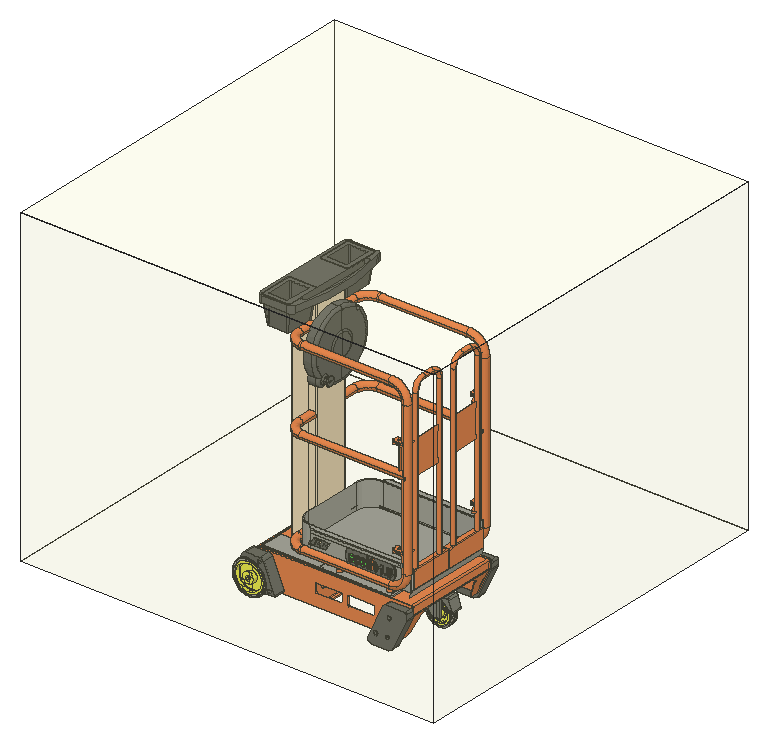
Revit family "JLG_Site_LowLevelAccess_ECOLIFT15_ORANGEa", category Site, Revit 2017 (continued)
Definition of nested family "JLG_Eco lift 1.5_Platform"
  Forms (mm)
    Extrusion 24, void
      sketch origin (0, 0, 0) x (1, 0, 0) y (0, 1, 0)
        loop
          arc (51.676, -291.945) -> (55.919, -290.187) -> (57.676, -285.945) r 6
          line (57.676, -285.945) -> (57.676, -143.027)
          arc (57.676, -143.027) -> (55.919, -138.785) -> (51.676, -137.027) r 6
      from 1139.277 to 1374.226
    Extrusion 25, solid, material <- "JLG_Paint_Beige"
      sketch origin (0, 0, 0) x (1, 0, 0) y (0, 1, 0)
        loop
          arc (-79.75, -95.343) -> (-78.385, -98.639) -> (-75.089, -100.004) r 4.661
          line (-75.089, -100.004) -> (25.75, -100.004) -> (25.75, -102.996) -> (69.25, -102.996)
          arc (69.25, -102.996) -> (72.786, -101.532) -> (74.25, -97.996) r 5
          line (74.25, -97.996) -> (74.25, 97.996)
          arc (74.25, 97.996) -> (72.786, 101.532) -> (69.25, 102.996) r 5
          line (69.25, 102.996) -> (25.75, 102.996) -> (25.75, 99.996) -> (-74.75, 99.996)
          arc (-74.75, 99.996) -> (-78.285, 98.532) -> (-79.75, 94.996) r 5
          line (-79.75, 94.996) -> (-79.75, -95.343)
        loop
          line (29.25, 96.996) -> (-74.8, 96.996)
          arc (-74.8, 96.996) -> (-76.179, 96.425) -> (-76.75, 95.047) r 1.95
          line (-76.75, 95.047) -> (-76.75, -94.979)
          arc (-76.75, -94.979) -> (-76.157, -96.411) -> (-74.725, -97.004) r 2.025
          line (-74.725, -97.004) -> (29.25, -97.004) -> (29.25, -99.996) -> (69.135, -99.996)
          arc (69.135, -99.996) -> (70.631, -99.377) -> (71.25, -97.881) r 2.115
          line (71.25, -97.881) -> (71.25, 97.881)
          arc (71.25, 97.881) -> (70.631, 99.377) -> (69.135, 99.996) r 2.115
          line (69.135, 99.996) -> (29.25, 99.996) -> (29.25, 96.996)
      from -200 to 1250.127
    Extrusion 26, solid, material <- "JLG_Paint_Silver Dark Grey"
      sketch origin (0, 0, 0) x (1, 0, 0) y (0, 1, 0)
        loop
          arc (167.358, 260.996) -> (106.612, 235.834) -> (81.45, 175.088) r 85.908
          line (81.45, 175.088) -> (81.45, -175.996)
          arc (81.45, -175.996) -> (106.346, -236.1) -> (166.45, -260.996) r 85
          line (166.45, -260.996) -> (751.45, -260.996) -> (751.45, 260.996) -> (167.358, 260.996)
      from 7.098 to 0
    Extrusion 27, solid, material <- "JLG_Paint_Orange"
      sketch origin (0, 0, 0) x (1, 0, 0) y (0, 1, 0)
        loop
          arc (685.096, 306.599) -> (676.218, 302.922) -> (672.541, 294.044) r 12.556
          line (672.541, 294.044) -> (672.541, 275.964)
          arc (672.541, 275.964) -> (676.218, 267.086) -> (685.096, 263.408) r 12.556
          line (685.096, 263.408) -> (714.37, 263.408)
          arc (714.37, 263.408) -> (724.086, 264.864) -> (733.231, 268.451) r 43.749
          arc (733.231, 268.451) -> (725.545, 284.999) -> (733.375, 301.481) r 21.456
          arc (733.375, 301.481) -> (724.164, 305.123) -> (714.37, 306.599) r 43.749
          line (714.37, 306.599) -> (685.096, 306.599)
      from 786.836 to 790.8
    Extrusion 28, solid, material <- "JLG_Paint_Orange"
      sketch origin (0, 0, 0) x (1, 0, 0) y (0, 1, 0)
        loop
          line (750, 238.868) -> (699.733, 306.599)
          arc (699.733, 306.599) -> (681.492, 308.194) -> (673.752, 291.599) r 15.964
          line (673.752, 291.599) -> (677.405, 291.599)
          arc (677.405, 291.599) -> (682.332, 298.423) -> (688.772, 293.004) r 5.743
          arc (688.772, 293.004) -> (692.881, 281.518) -> (702.684, 274.259) r 20.987
          arc (702.684, 274.259) -> (707.115, 270.894) -> (704.238, 266.132) r 4.16
          line (704.238, 266.132) -> (728.145, 213.627)
          arc (728.145, 213.627) -> (739.61, 204.89) -> (750.907, 213.843) r 11.745
          arc (750.907, 213.843) -> (737.528, 225.887) -> (750, 238.868) r 12.527
        loop
          circle (703.864, 285.004) r 4.015
      from 780.129 to 786.836
    Extrusion 29, solid, material <- "JLG_Steel"
      sketch origin (0, 0, 0) x (1, 0, 0) y (0, 1, 0)
        loop
          line (698.115, 288.323) -> (698.115, 281.685) -> (703.864, 278.365) -> (709.613, 281.685) -> (709.613, 288.323) -> (703.864, 291.643) -> (698.115, 288.323)
      from 790.8 to 794.533
    Extrusion 30, solid, material <- "JLG_Steel"
      sketch origin (0, 0, 0) x (1, 0, 0) y (0, 1, 0)
        loop
          circle (703.864, 285.004) r 4.015
      from 590.683 to 786.836
    Extrusion 31, solid, material <- "JLG_Paint_Orange"
      sketch origin (0, 0, 0) x (1, 0, 0) y (0, 1, 0)
        loop
          arc (685.096, 306.599) -> (676.218, 302.922) -> (672.541, 294.044) r 12.556
          line (672.541, 294.044) -> (672.541, 275.964)
          arc (672.541, 275.964) -> (676.218, 267.086) -> (685.096, 263.408) r 12.556
          line (685.096, 263.408) -> (714.37, 263.408)
          arc (714.37, 263.408) -> (724.086, 264.864) -> (733.231, 268.451) r 43.749
          arc (733.231, 268.451) -> (725.545, 284.999) -> (733.375, 301.481) r 21.456
          arc (733.375, 301.481) -> (724.164, 305.123) -> (714.37, 306.599) r 43.749
          line (714.37, 306.599) -> (685.096, 306.599)
      from 776.1 to 780.129
    Extrusion 32, solid, material <- "JLG_Steel"
      sketch origin (0, 0, 0) x (1, 0, 0) y (0, 1, 0)
        loop
          line (698.115, 288.323) -> (698.115, 281.685) -> (703.864, 278.365) -> (709.613, 281.685) -> (709.613, 288.323) -> (703.864, 291.643) -> (698.115, 288.323)
      from 594.214 to 598.598
    Extrusion 33, solid, material <- "JLG_Steel"
      sketch origin (-19.384, 0, 0) x (1, 0, 0) y (0, 1, 0)
        loop
          line (698.115, 288.323) -> (698.115, 281.685) -> (703.864, 278.365) -> (709.613, 281.685) -> (709.613, 288.323) -> (703.864, 291.643) -> (698.115, 288.323)
      from 773.083 to 786.836
    Extrusion 34, solid, material <- "JLG_Paint_Orange"
      sketch origin (0, 0, -570.625) x (1, 0, 0) y (0, 1, 0)
        loop
          arc (685.096, 306.599) -> (676.218, 302.922) -> (672.541, 294.044) r 12.556
          line (672.541, 294.044) -> (672.541, 275.964)
          arc (672.541, 275.964) -> (676.218, 267.086) -> (685.096, 263.408) r 12.556
          line (685.096, 263.408) -> (714.37, 263.408)
          arc (714.37, 263.408) -> (724.086, 264.864) -> (733.231, 268.451) r 43.749
          arc (733.231, 268.451) -> (725.545, 284.999) -> (733.375, 301.481) r 21.456
          arc (733.375, 301.481) -> (724.164, 305.123) -> (714.37, 306.599) r 43.749
          line (714.37, 306.599) -> (685.096, 306.599)
      from 786.836 to 790.8
    Extrusion 35, solid, material <- "JLG_Paint_Orange"
      sketch origin (0, 0, -570.625) x (1, 0, 0) y (0, 1, 0)
        loop
          line (750, 238.868) -> (699.733, 306.599)
          arc (699.733, 306.599) -> (681.492, 308.194) -> (673.752, 291.599) r 15.964
          line (673.752, 291.599) -> (677.405, 291.599)
          arc (677.405, 291.599) -> (682.332, 298.423) -> (688.772, 293.004) r 5.743
          arc (688.772, 293.004) -> (692.881, 281.518) -> (702.684, 274.259) r 20.987
          arc (702.684, 274.259) -> (707.115, 270.894) -> (704.238, 266.132) r 4.16
          line (704.238, 266.132) -> (728.145, 213.627)
          arc (728.145, 213.627) -> (739.61, 204.89) -> (750.907, 213.843) r 11.745
          arc (750.907, 213.843) -> (737.528, 225.887) -> (750, 238.868) r 12.527
        loop
          circle (703.864, 285.004) r 4.015
      from 780.129 to 786.836
    Extrusion 36, solid, material <- "JLG_Steel"
      sketch origin (0, 0, -570.625) x (1, 0, 0) y (0, 1, 0)
        loop
          line (698.115, 288.323) -> (698.115, 281.685) -> (703.864, 278.365) -> (709.613, 281.685) -> (709.613, 288.323) -> (703.864, 291.643) -> (698.115, 288.323)
      from 790.8 to 794.533
    Extrusion 37, solid, material <- "JLG_Steel"
      sketch origin (0, 0, -570.625) x (1, 0, 0) y (0, 1, 0)
        loop
          circle (703.864, 285.004) r 4.015
      from 769.026 to 786.836
    Extrusion 38, solid, material <- "JLG_Paint_Orange"
      sketch origin (0, 0, -570.625) x (1, 0, 0) y (0, 1, 0)
        loop
          arc (685.096, 306.599) -> (676.218, 302.922) -> (672.541, 294.044) r 12.556
          line (672.541, 294.044) -> (672.541, 275.964)
          arc (672.541, 275.964) -> (676.218, 267.086) -> (685.096, 263.408) r 12.556
          line (685.096, 263.408) -> (714.37, 263.408)
          arc (714.37, 263.408) -> (724.086, 264.864) -> (733.231, 268.451) r 43.749
          arc (733.231, 268.451) -> (725.545, 284.999) -> (733.375, 301.481) r 21.456
          arc (733.375, 301.481) -> (724.164, 305.123) -> (714.37, 306.599) r 43.749
          line (714.37, 306.599) -> (685.096, 306.599)
      from 776.1 to 780.129
    Extrusion 39, solid, material <- "JLG_Steel"
      sketch origin (0, 0, -570.625) x (1, 0, 0) y (0, 1, 0)
        loop
          line (698.115, 288.323) -> (698.115, 281.685) -> (703.864, 278.365) -> (709.613, 281.685) -> (709.613, 288.323) -> (703.864, 291.643) -> (698.115, 288.323)
      from 773.083 to 776.1
    Extrusion 40, solid, material <- "JLG_Steel"
      sketch origin (-19.384, 0, -570.625) x (1, 0, 0) y (0, 1, 0)
        loop
          line (698.115, 288.323) -> (698.115, 281.685) -> (703.864, 278.365) -> (709.613, 281.685) -> (709.613, 288.323) -> (703.864, 291.643) -> (698.115, 288.323)
      from 773.083 to 786.836
    Extrusion 41, solid, material <- "JLG_Paint_Orange"
      sketch origin (0, 0, 0) x (1, 0, 0) y (0, 1, 0)
        loop
          line (685.096, -306.599) -> (714.37, -306.599)
          arc (714.37, -306.599) -> (724.164, -305.123) -> (733.375, -301.481) r 43.749
          arc (733.375, -301.481) -> (725.545, -284.999) -> (733.231, -268.451) r 21.456
          arc (733.231, -268.451) -> (724.086, -264.864) -> (714.37, -263.408) r 43.749
          line (714.37, -263.408) -> (685.096, -263.408)
          arc (685.096, -263.408) -> (676.218, -267.086) -> (672.541, -275.964) r 12.556
          line (672.541, -275.964) -> (672.541, -294.044)
          arc (672.541, -294.044) -> (676.218, -302.922) -> (685.096, -306.599) r 12.556
      from 786.836 to 790.8
    Extrusion 42, solid, material <- "JLG_Paint_Orange"
      sketch origin (0, 0, 0) x (1, 0, 0) y (0, 1, 0)
        loop
          arc (750, -238.868) -> (737.528, -225.887) -> (750.907, -213.843) r 12.527
          arc (750.907, -213.843) -> (739.61, -204.89) -> (728.145, -213.627) r 11.745
          line (728.145, -213.627) -> (704.238, -266.132)
          arc (704.238, -266.132) -> (707.115, -270.894) -> (702.684, -274.259) r 4.16
          arc (702.684, -274.259) -> (692.881, -281.518) -> (688.772, -293.004) r 20.987
          arc (688.772, -293.004) -> (682.332, -298.423) -> (677.405, -291.599) r 5.743
          line (677.405, -291.599) -> (673.752, -291.599)
          arc (673.752, -291.599) -> (681.492, -308.194) -> (699.733, -306.599) r 15.964
          line (699.733, -306.599) -> (750, -238.868)
        loop
          circle (703.864, -285.004) r 4.015
      from 780.129 to 786.836
    Extrusion 43, solid, material <- "JLG_Steel"
      sketch origin (0, 0, 0) x (1, 0, 0) y (0, 1, 0)
        loop
          line (698.115, -288.323) -> (703.864, -291.643) -> (709.613, -288.323) -> (709.613, -281.685) -> (703.864, -278.365) -> (698.115, -281.685) -> (698.115, -288.323)
      from 790.8 to 794.533
    Extrusion 44, solid, material <- "JLG_Paint_Orange"
      sketch origin (0, 0, 0) x (1, 0, 0) y (0, 1, 0)
        loop
          circle (703.864, -285.004) r 4.015
      from 590.683 to 786.836
    Extrusion 45, solid, material <- "JLG_Paint_Orange"
      sketch origin (0, 0, 0) x (1, 0, 0) y (0, 1, 0)
        loop
          line (685.096, -306.599) -> (714.37, -306.599)
          arc (714.37, -306.599) -> (724.164, -305.123) -> (733.375, -301.481) r 43.749
          arc (733.375, -301.481) -> (725.545, -284.999) -> (733.231, -268.451) r 21.456
          arc (733.231, -268.451) -> (724.086, -264.864) -> (714.37, -263.408) r 43.749
          line (714.37, -263.408) -> (685.096, -263.408)
          arc (685.096, -263.408) -> (676.218, -267.086) -> (672.541, -275.964) r 12.556
          line (672.541, -275.964) -> (672.541, -294.044)
          arc (672.541, -294.044) -> (676.218, -302.922) -> (685.096, -306.599) r 12.556
      from 776.1 to 780.129
    Extrusion 46, solid, material <- "JLG_Steel"
      sketch origin (0, 0, 0) x (1, 0, 0) y (0, 1, 0)
        loop
          line (698.115, -288.323) -> (703.864, -291.643) -> (709.613, -288.323) -> (709.613, -281.685) -> (703.864, -278.365) -> (698.115, -281.685) -> (698.115, -288.323)
      from 594.214 to 598.598
    Extrusion 47, solid, material <- "JLG_Steel"
      sketch origin (-19.384, 0, 0) x (1, 0, 0) y (0, 1, 0)
        loop
          line (698.115, -288.323) -> (703.864, -291.643) -> (709.613, -288.323) -> (709.613, -281.685) -> (703.864, -278.365) -> (698.115, -281.685) -> (698.115, -288.323)
      from 773.083 to 786.836
    Extrusion 48, solid, material <- "JLG_Paint_Orange"
      sketch origin (0, 0, -570.625) x (1, 0, 0) y (0, 1, 0)
        loop
          line (685.096, -306.599) -> (714.37, -306.599)
          arc (714.37, -306.599) -> (724.164, -305.123) -> (733.375, -301.481) r 43.749
          arc (733.375, -301.481) -> (725.545, -284.999) -> (733.231, -268.451) r 21.456
          arc (733.231, -268.451) -> (724.086, -264.864) -> (714.37, -263.408) r 43.749
          line (714.37, -263.408) -> (685.096, -263.408)
          arc (685.096, -263.408) -> (676.218, -267.086) -> (672.541, -275.964) r 12.556
          line (672.541, -275.964) -> (672.541, -294.044)
          arc (672.541, -294.044) -> (676.218, -302.922) -> (685.096, -306.599) r 12.556
      from 786.836 to 790.8
    Extrusion 49, solid, material <- "JLG_Paint_Orange"
      sketch origin (0, 0, -570.625) x (1, 0, 0) y (0, 1, 0)
        loop
          arc (750, -238.868) -> (737.528, -225.887) -> (750.907, -213.843) r 12.527
          arc (750.907, -213.843) -> (739.61, -204.89) -> (728.145, -213.627) r 11.745
          line (728.145, -213.627) -> (704.238, -266.132)
          arc (704.238, -266.132) -> (707.115, -270.894) -> (702.684, -274.259) r 4.16
          arc (702.684, -274.259) -> (692.881, -281.518) -> (688.772, -293.004) r 20.987
          arc (688.772, -293.004) -> (682.332, -298.423) -> (677.405, -291.599) r 5.743
          line (677.405, -291.599) -> (673.752, -291.599)
          arc (673.752, -291.599) -> (681.492, -308.194) -> (699.733, -306.599) r 15.964
          line (699.733, -306.599) -> (750, -238.868)
        loop
          circle (703.864, -285.004) r 4.015
      from 780.129 to 786.836
    Extrusion 50, solid, material <- "JLG_Steel"
      sketch origin (0, 0, -570.625) x (1, 0, 0) y (0, 1, 0)
        loop
          line (698.115, -288.323) -> (703.864, -291.643) -> (709.613, -288.323) -> (709.613, -281.685) -> (703.864, -278.365) -> (698.115, -281.685) -> (698.115, -288.323)
      from 790.8 to 794.533
    Extrusion 51, solid, material <- "JLG_Steel"
      sketch origin (0, 0, -570.625) x (1, 0, 0) y (0, 1, 0)
        loop
          circle (703.864, -285.004) r 4.015
      from 769.026 to 786.836
    Extrusion 52, solid, material <- "JLG_Paint_Orange"
      sketch origin (0, 0, -570.625) x (1, 0, 0) y (0, 1, 0)
        loop
          line (685.096, -306.599) -> (714.37, -306.599)
          arc (714.37, -306.599) -> (724.164, -305.123) -> (733.375, -301.481) r 43.749
          arc (733.375, -301.481) -> (725.545, -284.999) -> (733.231, -268.451) r 21.456
          arc (733.231, -268.451) -> (724.086, -264.864) -> (714.37, -263.408) r 43.749
          line (714.37, -263.408) -> (685.096, -263.408)
          arc (685.096, -263.408) -> (676.218, -267.086) -> (672.541, -275.964) r 12.556
          line (672.541, -275.964) -> (672.541, -294.044)
          arc (672.541, -294.044) -> (676.218, -302.922) -> (685.096, -306.599) r 12.556
      from 776.1 to 780.129
    Extrusion 53, solid, material <- "JLG_Steel"
      sketch origin (0, 0, -570.625) x (1, 0, 0) y (0, 1, 0)
        loop
          line (698.115, -288.323) -> (703.864, -291.643) -> (709.613, -288.323) -> (709.613, -281.685) -> (703.864, -278.365) -> (698.115, -281.685) -> (698.115, -288.323)
      from 773.083 to 776.1
    Extrusion 54, solid, material <- "JLG_Steel"
      sketch origin (-19.384, 0, -570.625) x (1, 0, 0) y (0, 1, 0)
        loop
          line (698.115, -288.323) -> (703.864, -291.643) -> (709.613, -288.323) -> (709.613, -281.685) -> (703.864, -278.365) -> (698.115, -281.685) -> (698.115, -288.323)
      from 773.083 to 786.836
    Revolve 55, solid, material <- "JLG_Plastic_Dark Grey"
      sketch origin (0, 0, 0) x (1, 0, 0) y (0, 0, 1)
        loop
          line (74.247, 1169.518) -> (74.247, 971.067) -> (142.25, 971.067) -> (142.25, 1035.377)
          arc (142.25, 1035.377) -> (139.729, 1042.41) -> (135.25, 1048.391) r 25.111
          line (135.25, 1048.391) -> (135.25, 1152.641)
          arc (135.25, 1152.641) -> (130.71, 1163.911) -> (119.555, 1168.727) r 15.974
          line (119.555, 1168.727) -> (74.247, 1169.518)
        axis (142.25, 971.067) -> (74.247, 971.067)
      angle from 0 to 360
    Revolve 56, solid, material <- "JLG_Plastic_Dark Grey"
      sketch origin (-179.446, -4559.188, 843.966) x (-1, 0, 0) y (0, -1, 0)
        loop
          line (-314.696, -4456.9) -> (-314.696, -4432) -> (-322.987, -4432) -> (-322.987, -4441.197) -> (-351.918, -4441.197) -> (-351.918, -4456.197)
          arc (-351.918, -4456.197) -> (-351.191, -4457.275) -> (-350.003, -4457.803) r 2.354
          line (-350.003, -4457.803) -> (-342.133, -4448.424) -> (-322.95, -4448.424)
          arc (-322.95, -4448.424) -> (-320.832, -4453.162) -> (-317.233, -4456.9) r 15.069
          line (-317.233, -4456.9) -> (-314.696, -4456.9)
        axis (-314.696, -4432) -> (-351.918, -4432)
      angle from 0 to 360
    Revolve 57, solid, material <- "JLG_Plastic_Dark Grey"
      sketch origin (-0.191, -129.184, 29.54) x (1, 0, 0) y (0, 0, 1)
        loop
          line (74.429, 772.669) -> (119.681, 772.669)
          arc (119.681, 772.669) -> (130.779, 777.265) -> (135.376, 788.363) r 15.695
          line (135.376, 788.363) -> (135.376, 813.363) -> (74.429, 813.363) -> (74.429, 772.669)
        axis (74.429, 813.46) -> (135.376, 813.46)
      angle from 51.664 to -141.966
    Extrusion 58, void
      sketch origin (0, 0, 0) x (0, 1, 0) y (0, 0, 1)
        loop
          arc (107.128, 1135.739) -> (111.401, 1099.219) -> (148.159, 1100.07) r 27.303
          arc (148.159, 1100.07) -> (128.883, 1119.331) -> (107.128, 1135.739) r 196.451
      from 91.854 to 139.056
    Extrusion 59, solid, visible <- "Working Area"
      sketch origin (0, 0, 0) x (1, 0, 0) y (0, 1, 0)
        loop
          line (-823.55, 1150) -> (-823.55, -1150) -> (1596.45, -1150) -> (1596.45, 1150) -> (-823.55, 1150)
      from 0 to 1830
    Extrusion 60, solid, material <- "JLG_Paint_Black"
      sketch origin (95.595, 0, 847.695) x (1, 0, 0) y (0, 0, 1)
        loop
          line (512.332, -745.542) -> (506.563, -745.542)
          arc (506.563, -745.542) -> (499.372, -754.35) -> (489.449, -759.902) r 30.426
          line (489.449, -759.902) -> (489.449, -766.173) -> (505.332, -758.767) -> (505.332, -788.708) -> (512.332, -788.708) -> (512.332, -745.542)
        loop
          line (566.894, -745.542) -> (538.457, -745.542) -> (538.457, -765.972) -> (556.414, -765.972)
          arc (556.414, -765.972) -> (559.879, -767.214) -> (561.767, -770.374) r 5.456
          arc (561.767, -770.374) -> (555.447, -781.301) -> (545.457, -773.585) r 8.386
          line (545.457, -773.585) -> (538.449, -773.585)
          arc (538.449, -773.585) -> (556.371, -788.247) -> (568.531, -768.541) r 15.386
          arc (568.531, -768.541) -> (564.134, -761.653) -> (556.414, -758.972) r 12.456
          line (556.414, -758.972) -> (545.457, -758.972) -> (545.457, -752.542) -> (566.894, -752.542) -> (566.894, -745.542)
        loop
          line (523.916, -783.117) -> (523.916, -788.708) -> (528.415, -788.708) -> (528.415, -783.117) -> (523.916, -783.117)
      from 288.081 to 289.946
    Extrusion 61, solid, material <- "JLG_Paint_Orange"
      sketch origin (95.595, 0, 687.695) x (1, 0, 0) y (0, 0, 1)
        loop
          line (417.903, -565.722) -> (417.903, -628.994) -> (424.851, -628.994) -> (424.851, -565.722) -> (417.903, -565.722)
        loop
          line (428.326, -593.951) -> (428.326, -628.994) -> (435.274, -628.994) -> (435.274, -593.951) -> (428.326, -593.951)
        loop
          line (444.829, -575.625) -> (444.829, -593.951) -> (438.82, -593.951) -> (438.82, -600.899) -> (444.829, -600.899) -> (444.829, -628.994) -> (451.777, -628.994) -> (451.777, -600.899) -> (457.786, -600.899) -> (457.786, -593.951) -> (451.777, -593.951) -> (451.777, -575.625)
          arc (451.777, -575.625) -> (452.643, -573.536) -> (454.732, -572.671) r 2.955
          line (454.732, -572.671) -> (457.853, -572.671) -> (457.853, -565.722) -> (454.732, -565.722)
          arc (454.732, -565.722) -> (447.729, -568.623) -> (444.829, -575.625) r 9.903
        loop
          line (461.332, -593.951) -> (461.332, -600.899) -> (467.34, -600.899) -> (467.34, -619.225)
          arc (467.34, -619.225) -> (470.241, -626.227) -> (477.243, -629.128) r 9.903
          line (477.243, -629.128) -> (480.365, -629.128) -> (480.365, -622.179) -> (477.243, -622.179)
          arc (477.243, -622.179) -> (475.154, -621.314) -> (474.289, -619.225) r 2.955
          line (474.289, -619.225) -> (474.289, -600.899) -> (480.297, -600.899) -> (480.297, -593.951) -> (474.289, -593.951) -> (474.289, -582.793) -> (467.34, -582.793) -> (467.34, -593.951) -> (461.332, -593.951)
      from 288.081 to 289.946
    Extrusion 62, solid, material <- "JLG_Plastic_Green"
      sketch origin (95.595, 0, 527.695) x (1, 0, 0) y (0, 0, 1)
        loop
          line (312.947, -440.121) -> (312.947, -453.679)
          arc (312.947, -453.679) -> (327.687, -468.994) -> (343.554, -454.85) r 15.326
          line (343.554, -454.85) -> (336.092, -454.85)
          arc (336.092, -454.85) -> (333.38, -459.925) -> (328.035, -462.053) r 8.377
          arc (328.035, -462.053) -> (322.265, -459.518) -> (319.895, -453.679) r 8.377
          line (319.895, -453.679) -> (319.895, -448.77) -> (342.995, -448.77) -> (342.995, -440.121)
          arc (342.995, -440.121) -> (327.971, -425.097) -> (312.947, -440.121) r 15.024
        loop
          line (320.076, -441.822) -> (335.993, -441.822)
          arc (335.993, -441.822) -> (334.361, -435.023) -> (328.035, -432.046) r 8.075
          arc (328.035, -432.046) -> (321.708, -435.023) -> (320.076, -441.822) r 8.075
        loop
          line (347.375, -440.121) -> (347.375, -453.679)
          arc (347.375, -453.679) -> (362.115, -468.994) -> (377.982, -454.85) r 15.326
          line (377.982, -454.85) -> (370.52, -454.85)
          arc (370.52, -454.85) -> (367.808, -459.925) -> (362.463, -462.053) r 8.377
          arc (362.463, -462.053) -> (356.694, -459.518) -> (354.324, -453.679) r 8.377
          line (354.324, -453.679) -> (354.324, -440.121)
          arc (354.324, -440.121) -> (356.694, -434.283) -> (362.463, -431.747) r 8.377
          arc (362.463, -431.747) -> (367.808, -433.876) -> (370.52, -438.95) r 8.377
          line (370.52, -438.95) -> (377.377, -438.95)
          arc (377.377, -438.95) -> (361.813, -425.109) -> (347.375, -440.121) r 15.024
        loop
          line (381.167, -440.121) -> (381.167, -453.679)
          arc (381.167, -453.679) -> (396.191, -468.703) -> (411.215, -453.679) r 15.024
          line (411.215, -453.679) -> (411.215, -440.121)
          arc (411.215, -440.121) -> (396.191, -425.097) -> (381.167, -440.121) r 15.024
        loop
          arc (396.255, -462.053) -> (402.024, -459.518) -> (404.394, -453.679) r 8.377
          line (404.394, -453.679) -> (404.394, -440.121)
          arc (404.394, -440.121) -> (402.024, -434.283) -> (396.255, -431.747) r 8.377
          arc (396.255, -431.747) -> (390.486, -434.283) -> (388.116, -440.121) r 8.377
          line (388.116, -440.121) -> (388.116, -453.679)
          arc (388.116, -453.679) -> (390.486, -459.518) -> (396.255, -462.053) r 8.377
        loop
          line (428.326, -428.631) -> (435.274, -428.631)
          arc (435.274, -428.631) -> (435.32, -424.901) -> (437.736, -422.06) r 5.494
          line (437.736, -422.06) -> (436.316, -420.64)
          arc (436.316, -420.64) -> (430.666, -422.98) -> (428.326, -428.631) r 7.991
      from 287.046 to 289.946
    Extrusion 63, solid, material <- "JLG_Paint_Black"
      sketch origin (95.595, 0, 702.695) x (1, 0, 0) y (0, 0, 1)
        loop
          arc (310.225, -575.211) -> (298.147, -614.91) -> (309.423, -654.844) r 73.728
          line (309.423, -654.844) -> (574.579, -654.844)
          arc (574.579, -654.844) -> (585.854, -614.91) -> (573.776, -575.211) r 73.728
          line (573.776, -575.211) -> (310.225, -575.211)
        loop
          line (312.947, -615.121) -> (312.947, -628.679)
          arc (312.947, -628.679) -> (327.687, -643.994) -> (343.554, -629.85) r 15.326
          line (343.554, -629.85) -> (336.092, -629.85)
          arc (336.092, -629.85) -> (333.38, -634.925) -> (328.035, -637.053) r 8.377
          arc (328.035, -637.053) -> (322.265, -634.518) -> (319.895, -628.679) r 8.377
          line (319.895, -628.679) -> (319.895, -623.77) -> (342.995, -623.77) -> (342.995, -615.121)
          arc (342.995, -615.121) -> (327.971, -600.097) -> (312.947, -615.121) r 15.024
        loop
          line (320.076, -616.822) -> (335.993, -616.822)
          arc (335.993, -616.822) -> (334.361, -610.023) -> (328.035, -607.046) r 8.075
          arc (328.035, -607.046) -> (321.708, -610.023) -> (320.076, -616.822) r 8.075
        loop
          line (347.375, -615.121) -> (347.375, -628.679)
          arc (347.375, -628.679) -> (362.115, -643.994) -> (377.982, -629.85) r 15.326
          line (377.982, -629.85) -> (370.52, -629.85)
          arc (370.52, -629.85) -> (367.808, -634.925) -> (362.463, -637.053) r 8.377
          arc (362.463, -637.053) -> (356.694, -634.518) -> (354.324, -628.679) r 8.377
          line (354.324, -628.679) -> (354.324, -615.121)
          arc (354.324, -615.121) -> (356.694, -609.283) -> (362.463, -606.747) r 8.377
          arc (362.463, -606.747) -> (367.808, -608.876) -> (370.52, -613.95) r 8.377
          line (370.52, -613.95) -> (377.377, -613.95)
          arc (377.377, -613.95) -> (361.813, -600.109) -> (347.375, -615.121) r 15.024
        loop
          arc (411.215, -615.121) -> (396.191, -600.097) -> (381.167, -615.121) r 15.024
          line (381.167, -615.121) -> (381.167, -628.679)
          arc (381.167, -628.679) -> (396.191, -643.703) -> (411.215, -628.679) r 15.024
          line (411.215, -628.679) -> (411.215, -615.121)
        loop
          line (388.116, -615.121) -> (388.116, -628.679)
          arc (388.116, -628.679) -> (390.486, -634.518) -> (396.255, -637.053) r 8.377
          arc (396.255, -637.053) -> (402.024, -634.518) -> (404.394, -628.679) r 8.377
          line (404.394, -628.679) -> (404.394, -615.121)
          arc (404.394, -615.121) -> (402.024, -609.283) -> (396.255, -606.747) r 8.377
          arc (396.255, -606.747) -> (390.486, -609.283) -> (388.116, -615.121) r 8.377
        loop
          line (417.903, -580.722) -> (417.903, -643.994) -> (424.851, -643.994) -> (424.851, -580.722) -> (417.903, -580.722)
        loop
          line (428.326, -608.951) -> (428.326, -643.994) -> (435.274, -643.994) -> (435.274, -608.951) -> (428.326, -608.951)
        loop
          line (428.326, -603.631) -> (435.274, -603.631)
          arc (435.274, -603.631) -> (435.32, -599.901) -> (437.736, -597.06) r 5.494
          line (437.736, -597.06) -> (436.316, -595.64)
          arc (436.316, -595.64) -> (430.666, -597.98) -> (428.326, -603.631) r 7.991
        loop
          arc (454.732, -580.722) -> (447.729, -583.623) -> (444.829, -590.625) r 9.903
          line (444.829, -590.625) -> (444.829, -608.951) -> (438.82, -608.951) -> (438.82, -615.899) -> (444.829, -615.899) -> (444.829, -643.994) -> (451.777, -643.994) -> (451.777, -615.899) -> (457.786, -615.899) -> (457.786, -608.951) -> (451.777, -608.951) -> (451.777, -590.625)
          arc (451.777, -590.625) -> (452.643, -588.536) -> (454.732, -587.671) r 2.955
          line (454.732, -587.671) -> (457.853, -587.671) -> (457.853, -580.722) -> (454.732, -580.722)
        loop
          line (467.34, -608.951) -> (461.332, -608.951) -> (461.332, -615.899) -> (467.34, -615.899) -> (467.34, -634.225)
          arc (467.34, -634.225) -> (470.241, -641.227) -> (477.243, -644.128) r 9.903
          line (477.243, -644.128) -> (480.365, -644.128) -> (480.365, -637.179) -> (477.243, -637.179)
          arc (477.243, -637.179) -> (475.154, -636.314) -> (474.289, -634.225) r 2.955
          line (474.289, -634.225) -> (474.289, -615.899) -> (480.297, -615.899) -> (480.297, -608.951) -> (474.289, -608.951) -> (474.289, -597.793) -> (467.34, -597.793) -> (467.34, -608.951)
        loop
          line (502.332, -646.708) -> (515.519, -646.708) -> (515.519, -597.542) -> (504.713, -597.542)
          arc (504.713, -597.542) -> (497.298, -607.173) -> (486.449, -612.653) r 27.426
          line (486.449, -612.653) -> (486.449, -625.882) -> (502.332, -618.476) -> (502.332, -646.708)
        loop
          line (535.457, -597.542) -> (535.457, -623.972) -> (557.976, -623.972)
          arc (557.976, -623.972) -> (559.585, -624.572) -> (560.408, -626.08) r 2.456
          arc (560.408, -626.08) -> (554.144, -633.007) -> (548.477, -625.585) r 6.072
          line (548.477, -625.585) -> (535.61, -625.585)
          arc (535.61, -625.585) -> (555.278, -646.401) -> (571.426, -622.75) r 18.386
          arc (571.426, -622.75) -> (565.763, -614.12) -> (555.929, -610.98) r 15.456
          line (555.929, -610.98) -> (569.894, -610.98) -> (569.894, -597.542) -> (535.457, -597.542)
        loop
          line (522.33, -636.593) -> (522.33, -645.446) -> (530.301, -645.446) -> (530.301, -636.593) -> (522.33, -636.593)
      from 287.046 to 288.837
    Extrusion 64, solid
      sketch origin (-0.36, 0, -3.797) x (1, 0, 0) y (0, 0, 1)
        loop
          line (403.739, 48.647) -> (672.17, 48.647)
          arc (672.17, 48.647) -> (684.808, 91.592) -> (671.33, 134.28) r 76.728
          line (671.33, 134.28) -> (404.58, 134.28)
          arc (404.58, 134.28) -> (391.101, 91.592) -> (403.739, 48.647) r 76.728
        loop
          line (582.403, 93.838) -> (582.403, 80.61) -> (598.286, 88.016) -> (598.286, 59.783) -> (611.473, 59.783) -> (611.473, 108.95) -> (600.667, 108.95)
          arc (600.667, 108.95) -> (593.252, 99.319) -> (582.403, 93.838) r 27.426
        loop
          line (631.411, 108.95) -> (631.411, 82.52) -> (653.93, 82.52)
          arc (653.93, 82.52) -> (655.539, 81.919) -> (656.362, 80.411) r 2.456
          arc (656.362, 80.411) -> (650.099, 73.484) -> (644.431, 80.907) r 6.072
          line (644.431, 80.907) -> (631.564, 80.907)
          arc (631.564, 80.907) -> (651.232, 60.09) -> (667.38, 83.741) r 18.386
          arc (667.38, 83.741) -> (663.189, 91.1) -> (655.749, 95.145) r 15.456
          line (655.749, 95.145) -> (665.848, 95.145) -> (665.848, 108.95) -> (631.411, 108.95)
        loop
          line (618.284, 69.898) -> (618.284, 61.045) -> (626.256, 61.045) -> (626.256, 69.898) -> (618.284, 69.898)
      from 288.081 to 286.425
    Extrusion 65, solid, material <- "JLG_Paint_Black"
      sketch origin (32.14, 0, -3.797) x (1, 0, 0) y (0, 0, 1)
        loop
          line (173.19, 111.058) -> (161.21, 86.495) -> (151.11, 86.495) -> (144.319, 72.571) -> (172.806, 72.571) -> (191.577, 111.058) -> (173.19, 111.058)
        loop
          line (195.309, 111.058) -> (176.538, 72.571) -> (205.73, 72.571) -> (209.37, 80.035)
          arc (209.37, 80.035) -> (212.19, 74.704) -> (217.83, 72.571) r 8.527
          line (217.83, 72.571) -> (241.764, 72.571) -> (253.006, 95.621) -> (234.717, 95.621) -> (230.989, 87.977) -> (236.501, 87.977) -> (235.388, 85.696) -> (225.632, 85.696) -> (231.899, 98.544) -> (254.432, 98.544) -> (260.535, 111.058) -> (222.051, 111.058) -> (210.072, 86.495) -> (198.302, 86.495) -> (210.282, 111.058) -> (195.309, 111.058)
      from 287.046 to 288.081
    Extrusion 66, solid, material <- "JLG_Paint_White"
      sketch origin (32.14, 0, -3.797) x (1, 0, 0) y (0, 0, 1)
        loop
          line (142.718, 71.571) -> (242.389, 71.571) -> (262.136, 112.058) -> (172.565, 112.058) -> (160.586, 87.495) -> (150.485, 87.495) -> (142.718, 71.571)
      from 287.046 to 287.74
    Extrusion 67, solid, material <- "JLG_Paint_Orange"
      sketch origin (95.595, 0, 687.695) x (1, 0, 0) y (0, 0, -1)
        loop
          line (466.098, 565.722) -> (466.098, 628.994) -> (459.15, 628.994) -> (459.15, 565.722) -> (466.098, 565.722)
        loop
          line (455.675, 593.951) -> (455.675, 628.994) -> (448.727, 628.994) -> (448.727, 593.951) -> (455.675, 593.951)
        loop
          line (439.172, 575.625) -> (439.172, 593.951) -> (445.181, 593.951) -> (445.181, 600.899) -> (439.172, 600.899) -> (439.172, 628.994) -> (432.224, 628.994) -> (432.224, 600.899) -> (426.215, 600.899) -> (426.215, 593.951) -> (432.224, 593.951) -> (432.224, 575.625)
          arc (432.224, 575.625) -> (431.358, 573.536) -> (429.269, 572.671) r 2.955
          line (429.269, 572.671) -> (426.148, 572.671) -> (426.148, 565.722) -> (429.269, 565.722)
          arc (429.269, 565.722) -> (436.272, 568.623) -> (439.172, 575.625) r 9.903
        loop
          line (422.67, 593.951) -> (422.67, 600.899) -> (416.661, 600.899) -> (416.661, 619.225)
          arc (416.661, 619.225) -> (413.76, 626.227) -> (406.758, 629.128) r 9.903
          line (406.758, 629.128) -> (403.636, 629.128) -> (403.636, 622.179) -> (406.758, 622.179)
          arc (406.758, 622.179) -> (408.847, 621.314) -> (409.713, 619.225) r 2.955
          line (409.713, 619.225) -> (409.713, 600.899) -> (403.704, 600.899) -> (403.704, 593.951) -> (409.713, 593.951) -> (409.713, 582.793) -> (416.661, 582.793) -> (416.661, 593.951) -> (422.67, 593.951)
      from 288.081 to 289.946
    Extrusion 68, solid, material <- "JLG_Plastic_Green"
      sketch origin (95.595, 0, 527.695) x (1, 0, 0) y (0, 0, -1)
        loop
          line (571.054, 440.121) -> (571.054, 453.679)
          arc (571.054, 453.679) -> (556.314, 468.994) -> (540.447, 454.85) r 15.326
          line (540.447, 454.85) -> (547.909, 454.85)
          arc (547.909, 454.85) -> (550.621, 459.925) -> (555.966, 462.053) r 8.377
          arc (555.966, 462.053) -> (561.736, 459.518) -> (564.106, 453.679) r 8.377
          line (564.106, 453.679) -> (564.106, 448.77) -> (541.006, 448.77) -> (541.006, 440.121)
          arc (541.006, 440.121) -> (556.03, 425.097) -> (571.054, 440.121) r 15.024
        loop
          line (563.925, 441.822) -> (548.008, 441.822)
          arc (548.008, 441.822) -> (549.64, 435.023) -> (555.966, 432.046) r 8.075
          arc (555.966, 432.046) -> (562.293, 435.023) -> (563.925, 441.822) r 8.075
        loop
          line (536.626, 440.121) -> (536.626, 453.679)
          arc (536.626, 453.679) -> (521.886, 468.994) -> (506.019, 454.85) r 15.326
          line (506.019, 454.85) -> (513.481, 454.85)
          arc (513.481, 454.85) -> (516.193, 459.925) -> (521.538, 462.053) r 8.377
          arc (521.538, 462.053) -> (527.307, 459.518) -> (529.677, 453.679) r 8.377
          line (529.677, 453.679) -> (529.677, 440.121)
          arc (529.677, 440.121) -> (527.307, 434.283) -> (521.538, 431.747) r 8.377
          arc (521.538, 431.747) -> (516.193, 433.876) -> (513.481, 438.95) r 8.377
          line (513.481, 438.95) -> (506.624, 438.95)
          arc (506.624, 438.95) -> (522.188, 425.109) -> (536.626, 440.121) r 15.024
        loop
          line (502.834, 440.121) -> (502.834, 453.679)
          arc (502.834, 453.679) -> (487.81, 468.703) -> (472.786, 453.679) r 15.024
          line (472.786, 453.679) -> (472.786, 440.121)
          arc (472.786, 440.121) -> (487.81, 425.097) -> (502.834, 440.121) r 15.024
        loop
          arc (487.746, 462.053) -> (481.977, 459.518) -> (479.607, 453.679) r 8.377
          line (479.607, 453.679) -> (479.607, 440.121)
          arc (479.607, 440.121) -> (481.977, 434.283) -> (487.746, 431.747) r 8.377
          arc (487.746, 431.747) -> (493.515, 434.283) -> (495.885, 440.121) r 8.377
          line (495.885, 440.121) -> (495.885, 453.679)
          arc (495.885, 453.679) -> (493.515, 459.518) -> (487.746, 462.053) r 8.377
        loop
          line (455.675, 428.631) -> (448.727, 428.631)
          arc (448.727, 428.631) -> (448.681, 424.901) -> (446.265, 422.06) r 5.494
          line (446.265, 422.06) -> (447.685, 420.64)
          arc (447.685, 420.64) -> (453.335, 422.98) -> (455.675, 428.631) r 7.991
      from 287.046 to 289.946
    Extrusion 69, solid, material <- "JLG_Paint_Black"
      sketch origin (-57.86, 0, -3.797) x (1, 0, 0) y (0, 0, -1)
        loop
          line (347.88, -111.058) -> (359.86, -86.495) -> (369.961, -86.495) -> (376.752, -72.571) -> (348.265, -72.571) -> (329.494, -111.058) -> (347.88, -111.058)
        loop
          line (325.761, -111.058) -> (344.532, -72.571) -> (315.34, -72.571) -> (311.7, -80.035)
          arc (311.7, -80.035) -> (308.881, -74.704) -> (303.24, -72.571) r 8.527
          line (303.24, -72.571) -> (279.306, -72.571) -> (268.064, -95.621) -> (286.354, -95.621) -> (290.082, -87.977) -> (284.569, -87.977) -> (285.682, -85.696) -> (295.438, -85.696) -> (289.172, -98.544) -> (266.639, -98.544) -> (260.535, -111.058) -> (299.019, -111.058) -> (310.999, -86.495) -> (322.768, -86.495) -> (310.788, -111.058) -> (325.761, -111.058)
      from 287.046 to 288.081
    Extrusion 70, solid, material <- "JLG_Paint_White"
      sketch origin (-57.86, 0, -3.797) x (1, 0, 0) y (0, 0, -1)
        loop
          line (378.428, -71.571) -> (278.757, -71.571) -> (259.011, -112.058) -> (348.581, -112.058) -> (360.561, -87.495) -> (370.661, -87.495) -> (378.428, -71.571)
      from 287.046 to 287.74
    Extrusion 71, solid
      sketch origin (9.375, 0, -5) x (0, 1, 0) y (0, 0, 1)
        loop
          line (53.818, 931.349) -> (27.342, 931.349) -> (54.372, 875.929) -> (95.393, 875.929) -> (85.614, 895.98) -> (71.069, 895.98) -> (53.818, 931.349)
        loop
          line (21.967, 931.349) -> (0.406, 931.349) -> (17.657, 895.98) -> (0.709, 895.98) -> (-16.542, 931.349) -> (-71.959, 931.349) -> (-63.17, 913.329) -> (-30.722, 913.329) -> (-21.698, 894.829) -> (-35.747, 894.829) -> (-37.349, 898.114) -> (-29.412, 898.114) -> (-34.78, 909.121) -> (-61.117, 909.121) -> (-44.928, 875.929) -> (-10.464, 875.929)
          arc (-10.464, 875.929) -> (-2.341, 879) -> (1.719, 886.677) r 12.278
          line (1.719, 886.677) -> (6.961, 875.929) -> (48.997, 875.929) -> (21.967, 931.349)
      from -91.151 to -90.282
    Extrusion 72, solid
      sketch origin (9.375, 0, -5) x (0, 1, 0) y (0, 0, 1)
        loop
          line (54.84, 933.535) -> (-75.615, 933.535) -> (-46.478, 873.795) -> (98.522, 873.795) -> (86.636, 898.166) -> (72.091, 898.166) -> (54.84, 933.535)
      from -90.282 to -89
    Extrusion 73, solid, material <- "JLG_Paint_Black"
      sketch origin (95.595, 0, 847.695) x (1, 0, 0) y (0, 0, -1)
        loop
          line (371.67, 745.542) -> (377.438, 745.542)
          arc (377.438, 745.542) -> (384.629, 754.35) -> (394.552, 759.902) r 30.426
          line (394.552, 759.902) -> (394.552, 766.173) -> (378.67, 758.767) -> (378.67, 788.708) -> (371.67, 788.708) -> (371.67, 745.542)
        loop
          line (317.107, 745.542) -> (345.545, 745.542) -> (345.545, 765.972) -> (327.587, 765.972)
          arc (327.587, 765.972) -> (324.122, 767.214) -> (322.234, 770.374) r 5.456
          arc (322.234, 770.374) -> (328.554, 781.301) -> (338.545, 773.585) r 8.386
          line (338.545, 773.585) -> (345.552, 773.585)
          arc (345.552, 773.585) -> (327.63, 788.247) -> (315.47, 768.541) r 15.386
          arc (315.47, 768.541) -> (319.867, 761.653) -> (327.587, 758.972) r 12.456
          line (327.587, 758.972) -> (338.545, 758.972) -> (338.545, 752.542) -> (317.107, 752.542) -> (317.107, 745.542)
        loop
          line (361.38, 780.325) -> (361.38, 788.708) -> (355.298, 788.708) -> (355.298, 780.325) -> (361.38, 780.325)
      from 288.081 to 289.946
    Extrusion 74, solid, material <- "JLG_Paint_Black"
      sketch origin (95.595, 0, 702.695) x (1, 0, 0) y (0, 0, -1)
        loop
          arc (573.776, 575.211) -> (585.854, 614.91) -> (574.579, 654.844) r 73.728
          line (574.579, 654.844) -> (309.423, 654.844)
          arc (309.423, 654.844) -> (298.147, 614.91) -> (310.225, 575.211) r 73.728
          line (310.225, 575.211) -> (573.776, 575.211)
        loop
          line (571.054, 615.121) -> (571.054, 628.679)
          arc (571.054, 628.679) -> (556.314, 643.994) -> (540.447, 629.85) r 15.326
          line (540.447, 629.85) -> (547.909, 629.85)
          arc (547.909, 629.85) -> (550.621, 634.925) -> (555.966, 637.053) r 8.377
          arc (555.966, 637.053) -> (561.736, 634.518) -> (564.106, 628.679) r 8.377
          line (564.106, 628.679) -> (564.106, 623.77) -> (541.006, 623.77) -> (541.006, 615.121)
          arc (541.006, 615.121) -> (556.03, 600.097) -> (571.054, 615.121) r 15.024
        loop
          line (563.925, 616.822) -> (548.008, 616.822)
          arc (548.008, 616.822) -> (549.64, 610.023) -> (555.966, 607.046) r 8.075
          arc (555.966, 607.046) -> (562.293, 610.023) -> (563.925, 616.822) r 8.075
        loop
          line (536.626, 615.121) -> (536.626, 628.679)
          arc (536.626, 628.679) -> (521.886, 643.994) -> (506.019, 629.85) r 15.326
          line (506.019, 629.85) -> (513.481, 629.85)
          arc (513.481, 629.85) -> (516.193, 634.925) -> (521.538, 637.053) r 8.377
          arc (521.538, 637.053) -> (527.307, 634.518) -> (529.677, 628.679) r 8.377
          line (529.677, 628.679) -> (529.677, 615.121)
          arc (529.677, 615.121) -> (527.307, 609.283) -> (521.538, 606.747) r 8.377
          arc (521.538, 606.747) -> (516.193, 608.876) -> (513.481, 613.95) r 8.377
          line (513.481, 613.95) -> (506.624, 613.95)
          arc (506.624, 613.95) -> (522.188, 600.109) -> (536.626, 615.121) r 15.024
        loop
          arc (472.786, 615.121) -> (487.81, 600.097) -> (502.834, 615.121) r 15.024
          line (502.834, 615.121) -> (502.834, 628.679)
          arc (502.834, 628.679) -> (487.81, 643.703) -> (472.786, 628.679) r 15.024
          line (472.786, 628.679) -> (472.786, 615.121)
        loop
          line (495.885, 615.121) -> (495.885, 628.679)
          arc (495.885, 628.679) -> (493.515, 634.518) -> (487.746, 637.053) r 8.377
          arc (487.746, 637.053) -> (481.977, 634.518) -> (479.607, 628.679) r 8.377
          line (479.607, 628.679) -> (479.607, 615.121)
          arc (479.607, 615.121) -> (481.977, 609.283) -> (487.746, 606.747) r 8.377
          arc (487.746, 606.747) -> (493.515, 609.283) -> (495.885, 615.121) r 8.377
        loop
          line (466.098, 580.722) -> (466.098, 643.994) -> (459.15, 643.994) -> (459.15, 580.722) -> (466.098, 580.722)
        loop
          line (455.675, 608.951) -> (455.675, 643.994) -> (448.727, 643.994) -> (448.727, 608.951) -> (455.675, 608.951)
        loop
          line (455.675, 603.631) -> (448.727, 603.631)
          arc (448.727, 603.631) -> (448.681, 599.901) -> (446.265, 597.06) r 5.494
          line (446.265, 597.06) -> (447.685, 595.64)
          arc (447.685, 595.64) -> (453.335, 597.98) -> (455.675, 603.631) r 7.991
        loop
          arc (429.269, 580.722) -> (436.272, 583.623) -> (439.172, 590.625) r 9.903
          line (439.172, 590.625) -> (439.172, 608.951) -> (445.181, 608.951) -> (445.181, 615.899) -> (439.172, 615.899) -> (439.172, 643.994) -> (432.224, 643.994) -> (432.224, 615.899) -> (426.215, 615.899) -> (426.215, 608.951) -> (432.224, 608.951) -> (432.224, 590.625)
          arc (432.224, 590.625) -> (431.358, 588.536) -> (429.269, 587.671) r 2.955
          line (429.269, 587.671) -> (426.148, 587.671) -> (426.148, 580.722) -> (429.269, 580.722)
        loop
          line (416.661, 608.951) -> (422.67, 608.951) -> (422.67, 615.899) -> (416.661, 615.899) -> (416.661, 634.225)
          arc (416.661, 634.225) -> (413.76, 641.227) -> (406.758, 644.128) r 9.903
          line (406.758, 644.128) -> (403.636, 644.128) -> (403.636, 637.179) -> (406.758, 637.179)
          arc (406.758, 637.179) -> (408.847, 636.314) -> (409.713, 634.225) r 2.955
          line (409.713, 634.225) -> (409.713, 615.899) -> (403.704, 615.899) -> (403.704, 608.951) -> (409.713, 608.951) -> (409.713, 597.793) -> (416.661, 597.793) -> (416.661, 608.951)
        loop
          line (381.67, 646.708) -> (368.482, 646.708) -> (368.482, 597.542) -> (379.288, 597.542)
          arc (379.288, 597.542) -> (386.703, 607.173) -> (397.552, 612.653) r 27.426
          line (397.552, 612.653) -> (397.552, 625.882) -> (381.67, 618.476) -> (381.67, 646.708)
        loop
          line (348.545, 597.542) -> (348.545, 623.972) -> (326.025, 623.972)
          arc (326.025, 623.972) -> (324.416, 624.572) -> (323.594, 626.08) r 2.456
          arc (323.594, 626.08) -> (329.857, 633.007) -> (335.524, 625.585) r 6.072
          line (335.524, 625.585) -> (348.391, 625.585)
          arc (348.391, 625.585) -> (328.724, 646.401) -> (312.575, 622.75) r 18.386
          arc (312.575, 622.75) -> (318.238, 614.12) -> (328.072, 610.98) r 15.456
          line (328.072, 610.98) -> (314.107, 610.98) -> (314.107, 597.542) -> (348.545, 597.542)
      from 287.046 to 288.837
    Extrusion 75, solid
      sketch origin (-0.36, 0, -3.797) x (1, 0, 0) y (0, 0, -1)
        loop
          line (672.17, -48.647) -> (403.739, -48.647)
          arc (403.739, -48.647) -> (391.101, -91.592) -> (404.58, -134.28) r 76.728
          line (404.58, -134.28) -> (671.33, -134.28)
          arc (671.33, -134.28) -> (684.808, -91.592) -> (672.17, -48.647) r 76.728
        loop
          line (493.506, -93.838) -> (493.506, -80.61) -> (477.624, -88.016) -> (477.624, -59.783) -> (464.436, -59.783) -> (464.436, -108.95) -> (475.242, -108.95)
          arc (475.242, -108.95) -> (482.657, -99.319) -> (493.506, -93.838) r 27.426
        loop
          line (444.499, -108.95) -> (444.499, -82.52) -> (421.979, -82.52)
          arc (421.979, -82.52) -> (420.37, -81.919) -> (419.548, -80.411) r 2.456
          arc (419.548, -80.411) -> (425.811, -73.484) -> (431.478, -80.907) r 6.072
          line (431.478, -80.907) -> (444.345, -80.907)
          arc (444.345, -80.907) -> (424.678, -60.09) -> (408.529, -83.741) r 18.386
          arc (408.529, -83.741) -> (412.721, -91.1) -> (420.16, -95.145) r 15.456
          line (420.16, -95.145) -> (410.061, -95.145) -> (410.061, -108.95) -> (444.499, -108.95)
        loop
          line (458.981, -72.565) -> (458.981, -61.197) -> (449.671, -61.197) -> (449.671, -72.565) -> (458.981, -72.565)
      from 288.081 to 286.425
    Extrusion 76, solid
      sketch origin (0, 0, 0) x (1, 0, 0) y (0, 1, 0)
        loop
          arc (85.25, -225.463) -> (99.52, -241.714) -> (116.891, -228.832) r 15.964
          line (116.891, -228.832) -> (126.493, -178.51)
          arc (126.493, -178.51) -> (143.37, -0.004) -> (126.493, 178.502) r 952.451
          line (126.493, 178.502) -> (116.891, 228.824)
          arc (116.891, 228.824) -> (99.556, 241.366) -> (85.25, 225.456) r 16
          line (85.25, 225.456) -> (85.25, -225.463)
      from 1260 to 1268.542
  Cuts and joins
    Extrusion 22 cuts Sweep 1
    Extrusion 22 cuts Sweep 2
    Extrusion 22 cuts Sweep 3
    joined: Sweep 1, Sweep 2, Sweep 3
    Extrusion 22, Extrusion 58 cuts Sweep 4
    Extrusion 22, Extrusion 58 cuts Sweep 5
    Extrusion 22, Extrusion 58 cuts Sweep 6
    joined: Sweep 4, Sweep 5, Sweep 6
    Extrusion 18 cuts Extrusion 16
    Extrusion 18, Extrusion 19 cuts Extrusion 17
    Extrusion 22, Extrusion 24 cuts Blend 21
    Extrusion 24 cuts Blend 23
    Extrusion 58 cuts Extrusion 25
    Extrusion 58 cuts Revolve 55
  Lines and regions (mm)
    model lines
      curve 1: line (749.319, 0, 1170.8) -> (749.319, 0, -49.2)
      curve 2: line (29.319, 0, 1359.951) -> (29.319, 0, -120.049)
  Dimensions and locks
    locked: plane 8 to Extrusion 59 sketch curve at 850
    locked: plane 9 to Extrusion 59 sketch curve at 850
    locked: plane 11 to Extrusion 59 sketch curve at 850
    locked: Extrusion 59 sketch curve to plane 10 at 850
    plane 13 to plane 12 = 600 mm
    plane 15 to plane 14 = 720 mm
    locked: plane 3 "Center (Left/Right)" to plane 15 at 29.319
    aligned and locked: plane 2 to level
    aligned and locked: curve 1 to plane 14
    aligned and locked: curve 2 to plane 15
    aligned and locked: Extrusion 59 to plane 2
